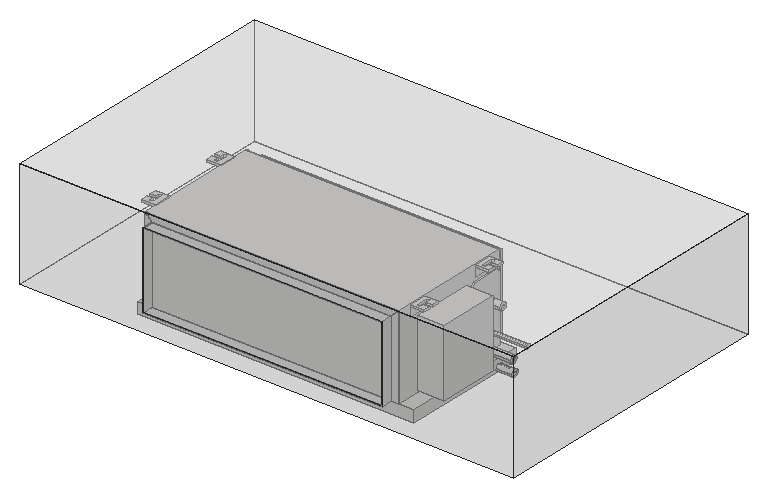
Revit family "outputfile", category 機械設備, Revit 2024
Family settings
  丸型コネクタ寸法 = 半径を使用
  パーツ タイプ = 標準
  OmniClass 番号 = 23.75.10.24.21.27.27
  OmniClass タイトル = Split System Air Conditioning Units
  作業面ベース = いいえ
  常に垂直 = はい
  ロード時にボイドで切り取り = いいえ
  注釈の向きを維持 = いいえ
  共有 = いいえ
  部屋計算ポイント = はい
Parameters (values of type "FDBC25AV1M")
  Description = ""
  書き出し IFC クラス(タイプ) = "IfcUnitaryEquipmentType"
  定義済み IFC タイプ(タイプ) = "AIRCONDITIONINGUNIT"
  Cost = 0
  Type Comments = ""
  Keynote = ""
  Type Image = (empty or 0)
  Assembly Code = ""
  switch_frequency = yes
  lw_Supply Duct = if(Width = 905 mm, 20.5 mm, 11.5 mm)  # 11.5 mm
  l_powersupply = 92.5 mm  # constant formula
  connector_voltage = Voltage_50Hz  # 230 V
  connector_powerinput = [Power Input (Cooling)]  # 0.895 kW
  connector_phase = Phase_50Hz  # 1
  W1 = if(Width = 905 mm, 441.5 mm, 362.5 mm)  # 362.5 mm
  URL = ""
  Supply Air Direction [instance] = yes
  製造元 = "Daikin"
  モデル = "FDBC25AV1M"
  r_Liquid Pipe Size = Liquid Pipe Size / 2  # 3.2 mm
  r_Gas Pipe Size = Gas Pipe Size / 2  # 4.75 mm
  r_Drain Pipe Size = Drain Pipe Size / 2  # 9.5 mm
  lw_powersupply = if(Width = 905 mm, 439.5 mm, 378.5 mm)  # 378.5 mm
  lw_Return Duct = if(Width = 905 mm, 20.5 mm, 11.5 mm)  # 11.5 mm
  ld_powersupply = 46.5 mm  # constant formula
  Voltage_comment_50Hz = "220 - 240"
  Voltage_50Hz = 230 V
  Sound Power Level_H speed (dB) = 0
  Phase_50Hz = 1
  Minimum External Static Pressure = 5.00 Pa
  Minimum Circuit Amps_50Hz = 5.84 A
  Maximum Fuse Amps_50Hz = 16.0 A
  Maximum External Static Pressure = 10.00 Pa
  Material_Casing = DAIKIN_GalvanizedSteel_Casing_indoorunit
  lw_liquidpipe = C - W1 + 122 mm  # 461.5 mm
  lw_gaspipe = C - W1 + 52 mm  # 391.5 mm
  lw_mountinghole_pitch = if(Width = 905 mm, 881 mm, 741 mm)  # 741 mm
  lw_drainpipe = C - W1 + 85 mm  # 424.5 mm
  lh_powersupply = 131.5 mm  # constant formula
  lh_liquidpipe = 87 mm  # constant formula
  lh_gaspipe = 161 mm  # constant formula
  lh_mountinghole = 261 mm  # constant formula
  lh_drainpipe = 43.5 mm  # constant formula
  l_antena = Height + 1 mm - lh_mountinghole  # 1 mm
  ld_liquidpipe = 121 mm  # constant formula
  ld_gaspipe = 121 mm  # constant formula
  ld_drainpipe = 117.005 mm  # constant formula
  h*** = 0 mm  # constant formula
  Width = 765 mm
  Version = "ver.1.0"
  Unit Type = "Duct"
  Unit Mass Weight = 18.00 kg
  Unit Designation [instance] = ""
  Uniclass2015Version = "Products v1.30"
  Uniclass2015Title = "Split coil room air conditioning units"
  Uniclass2015Code = "Pr_70_65_03_86"
  Total Cooling Capacity [instance] = 0.000 kW
  Sound Pressure Level_M speed (dBA) = 30
  Sound Pressure Level_L speed (dBA) = 26
  Sound Pressure Level_H speed (dBA) = 32
  Series = "SkyAir_Fan Coil Unit"
  Sensible Cooling Capacity [instance] = 0.000 kW
  SA Duct Size Width = 662 mm
  SA Duct Size Height = 211 mm
  Refrigerant Type = "R32"
  RA Duct Size Width = 662 mm
  RA Duct Size Height = 211 mm
  Power Input (Cooling) = 0.895 kW
  Option Accessory 3 [instance] = ""
  Option Accessory 2 [instance] = ""
  Option Accessory 1 [instance] = ""
  Nominal Cooling Capacity = 2.640 kW
  Minimum Airflow = 408.00 m³/h
  Median Airflow = 492.00 m³/h
  Maximum Airflow = 544.00 m³/h
  Load Classification = HVAC
  Liquid Pipe Size = 6.4 mm
  Link_Nested Family [instance] = ""
  IfcVersion = ""
  IfcExportType = "AIRCONDITIONINGUNIT"
  IfcExportAs = "IfcUnitaryEquipmentType"
  Height = 261 mm
  Heat Exchanger Type = "Cross Fin Coil"
  Gas Pipe Size = 9.5 mm
  Frequency_50Hz = 50 Hz
  Fan Type = "Sirocco Fan"
  Fan Drive = "-"
  FCU Tag No. [instance] = ""
  Drain Pipe Size = 19.0 mm
  Design Supply Airflow [instance] = 0.00 m³/h
  Design Return Airflow [instance] = 0.00 m³/h
  Design External Static Pressure [instance] = 0.00 Pa
  Depth = 411 mm
  既定の高さ = 0 mm
  Cooling Entering Wet Bulb Temperature [instance] = 0.00 °C
  Cooling Entering Dry Bulb Temperature [instance] = 0.00 °C
  Cooling Ambient Wet Bulb Temperature [instance] = 0.00 °C
  Cooling Ambient Dry Bulb Temperature [instance] = 0.00 °C
  Clearance visibility [instance] = yes
  Clearance Top = 20 mm
  Clearance Right = 300 mm
  Clearance Rear = 400 mm
  Clearance Left = 300 mm
  Clearance Front = 0 mm
  Clearance Bottom = 20 mm
  C = if(Width = 905 mm, 842 mm, 702 mm)  # 702 mm
Reference planes
  plane 1 "Center (Front/Back)": y = 0
  plane 2: z = 0
  plane 3 "Center (Left/Right)": x = 0
  plane 4 "Back": y = 205.5
  plane 5 "Front": y = -205.5
  plane 6 "Left": x = -382.5
  plane 7 "Right": x = 382.5
  plane 8 "Top": z = 0
  plane 9 "Bottom": z = -261
  plane 10 "lh_liquidpipe": z = -174
  plane 11 "lh_gaspipe": z = -100
  plane 12 "lw_mountinghole": x = -382
  plane 13 "lw_mountinghole3": x = 359
  plane 14 "lw_liquidpipe": x = 461.5
  plane 15 "lw_gaspipe": x = 391.5
  plane 16 "Clearance Left": x = -682.5
  plane 17 "Clearance Right": x = 682.5
  plane 18 "Clearance Rear": y = 605.5
  plane 19 "Clearance Front": y = -205.5
  plane 20 "Clearance Bottom": z = -281
  plane 21 "lh_drainpipe": z = -217.5
  plane 22 "ld_gaspipe": y = 121
  plane 23 "ld_liquidpipe": y = 121
  plane 24 "ld_drainpipe": y = 117.005
  plane 25 "lw_drainpipe": x = 424.5
  plane 26 "ld_mountinghole1": y = 112.5
  plane 27 "ld_mountinghole": y = -112.5
  plane 28 "Clearance Top": z = 20
  plane 29 "lh_powersupply": z = -129.5
  plane 30 "ld_powersupply": y = -46.5
  plane 31 "箱_L": x = -362.5
  plane 32 "箱_R": x = 339.5
  plane 33 "箱_F": y = -175.5
  plane 34 "箱_後": y = 175.5
  plane 35 "A": z = -230
  plane 36: y = 55.5
  plane 37: y = -112.5
  plane 38 "lh_box": z = -222
  plane 39 "lh_box1": z = -37
  plane 40 "71/100": z = -46
  plane 41 "l-box": x = 414.5
  plane 42 "lw_Return Duct": x = -11.5
  plane 43 "lw_Supply Duct": x = -11.5
  plane 44 "lh_Supply Duct": z = -124.5
  plane 45 "lh_Return Duct": z = -124.5
  plane 46 "lw_powersupply": x = 378.5
Forms (mm)
  Extrusion 1, solid, material "DAIKIN_GalvanizedSteel_Casing_indoorunit" <- "Material_Casing"
    sketch origin (0, 0, -230) x (-1, 0, 0) y (0, -1, 0)
      loop
        line (362.5, -175.5) -> (362.5, 175.5) -> (-339.5, 175.5) -> (-339.5, -175.5) -> (362.5, -175.5)
    from 0 to 230
  Extrusion 2, solid, material "DAIKIN_GalvanizedSteel_Casing_indoorunit" <- "Material_Casing"
    sketch origin (0, 0, -261) x (-1, 0, 0) y (0, -1, 0)
      loop
        line (382.5, -175.5) -> (382.5, 175.5) -> (-382.5, 175.5) -> (-382.5, -175.5) -> (382.5, -175.5)
    from 0 to 31
  Extrusion 3, solid, material "DAIKIN_GalvanizedSteel_Casing_indoorunit" <- "Material_Casing"
    sketch origin (0, 0, -222) x (-1, 0, 0) y (0, -1, 0)
      loop
        line (-339.5, -55.5) -> (-339.5, 112.5) -> (-414.5, 112.5) -> (-414.5, -55.5) -> (-339.5, -55.5)
    from 0 to 185
  Extrusion 4, solid, material "DAIKIN_GalvanizedSteel_Casing_indoorunit"
    sketch origin (339.5, 1296.25, 1200) x (0, 1, 0) y (0, 0, 1)
      loop
        circle (-1179.245, -1417.5) r 9.5
      loop
        circle (-1179.245, -1417.5) r 6.5
    from 0 to 85
  Extrusion 5, solid, material "DAIKIN_GalvanizedSteel_Casing_indoorunit" <- "Material_Casing"
    sketch origin (339.5, 1296.25, 1200) x (0, 1, 0) y (0, 0, 1)
      loop
        circle (-1175.25, -1300) r 9.95
      loop
        circle (-1175.25, -1300) r 6.35
    from 0 to 52
  Extrusion 6, solid, material "DAIKIN_GalvanizedSteel_Casing_indoorunit" <- "Material_Casing"
    sketch origin (339.5, 1296.25, 1200) x (0, 1, 0) y (0, 0, 1)
      loop
        circle (-1175.25, -1374) r 5
      loop
        circle (-1175.25, -1374) r 3.175
    from 0 to 122
  Extrusion 7, solid, material "DAIKIN_GalvanizedSteel_Casing_indoorunit" <- "Material_Casing"
    sketch origin (339.5, 1296.25, 1200) x (0, 1, 0) y (0, 0, 1)
      loop
        line (-1213.75, -1239) -> (-1223.75, -1249) -> (-1223.75, -1430) -> (-1188.75, -1430) -> (-1188.75, -1417.5)
        arc (-1188.75, -1417.5) -> (-1179.25, -1408) -> (-1169.75, -1417.5) r 9.5
        line (-1169.75, -1417.5) -> (-1169.75, -1430) -> (-1128.75, -1430) -> (-1128.75, -1249) -> (-1138.75, -1239) -> (-1213.75, -1239)
    from 0 to 7
  Extrusion 8, solid, material "DAIKIN_GalvanizedSteel_Casing_indoorunit" <- "Material_Casing"
    sketch origin (339.5, 1296.25, 1200) x (0, 1, 0) y (0, 0, 1)
      loop
        circle (-1180.246, -1450) r 9.5
      loop
        circle (-1180.246, -1450) r 6.5
    from 0 to 89
Cuts and joins
  joined: Extrusion 2, Extrusion 8
Dimensions and locks
  "Height": plane 8 "Top" to plane 9 "Bottom"
  "lw_mountinghole_pitch": plane 12 "lw_mountinghole" to plane 13 "lw_mountinghole3"
  "lh_liquidpipe": plane 10 "lh_liquidpipe" to plane 9 "Bottom"
  "lh_gaspipe": plane 11 "lh_gaspipe" to plane 9 "Bottom"
  "Width": plane 6 "Left" to plane 7 "Right"
  "Clearance Right": plane 7 "Right" to plane 17 "Clearance Right"
  "Clearance Left": plane 16 "Clearance Left" to plane 6 "Left"
  "Clearance Rear": plane 18 "Clearance Rear" to plane 4 "Back"
  "Clearance Front": plane 5 "Front" to plane 19 "Clearance Front"
  "Depth": plane 4 "Back" to plane 5 "Front"
  equal spacing: plane 4 "Back", plane 1 "Center (Front/Back)", plane 5 "Front"
  locked: plane 26 "ld_mountinghole1" to plane 27 "ld_mountinghole" at 225
  "lw_liquidpipe": plane 3 "Center (Left/Right)" to plane 14 "lw_liquidpipe"
  "lw_gaspipe": plane 3 "Center (Left/Right)" to plane 15 "lw_gaspipe"
  "lw_drainpipe": plane 3 "Center (Left/Right)" to plane 25 "lw_drainpipe"
  "lh_drainpipe": plane 21 "lh_drainpipe" to plane 9 "Bottom"
  "Clearance Top": plane 28 "Clearance Top" to plane 8 "Top"
  "Clearance Bottom": plane 9 "Bottom" to plane 20 "Clearance Bottom"
  "lh_powersupply": plane 29 "lh_powersupply" to plane 9 "Bottom"
  "W1": plane 31 "箱_L" to plane 3 "Center (Left/Right)"
  "C": plane 31 "箱_L" to plane 32 "箱_R"
  locked: plane 34 "箱_後" to plane 33 "箱_F" at 351
  locked: plane 36 to plane 37 at 168
  locked: plane 37 to plane 5 "Front" at 93
  locked: plane 39 "lh_box1" to plane 38 "lh_box" at 185
  locked: plane 38 "lh_box" to plane 9 "Bottom" at 39
  "ld_drainpipe": plane 24 "ld_drainpipe" to plane 1 "Center (Front/Back)"
  "ld_gaspipe": plane 22 "ld_gaspipe" to plane 1 "Center (Front/Back)"
  "ld_liquidpipe": plane 1 "Center (Front/Back)" to plane 23 "ld_liquidpipe"
  locked: plane 40 "71/100" to plane 9 "Bottom" at 215
  locked: Extrusion 7 sketch curve to plane 34 "箱_後" at 8
  locked: Extrusion 7 sketch curve to Extrusion 7 sketch curve at 95
  locked: Extrusion 7 sketch curve to Extrusion 7 sketch curve at 191
  locked: Extrusion 7 sketch curve to Extrusion 7 sketch curve at 10  (x4)
  locked: Extrusion 7 sketch curve to Extrusion 7 sketch curve at 19
  locked: Extrusion 7 sketch curve to plane 9 "Bottom" at 31
  locked: Extrusion 7 sketch curve to plane 9 "Bottom" at 43.5
  locked: Extrusion 7 sketch curve to Extrusion 7 sketch curve at 50.5
  "h***": plane 8 "Top" to plane 2
  locked: plane 27 "ld_mountinghole" to plane 1 "Center (Front/Back)" at 112.5
  "lw_Supply Duct": plane 43 "lw_Supply Duct" to plane 3 "Center (Left/Right)"
  "lw_Return Duct": plane 42 "lw_Return Duct" to plane 3 "Center (Left/Right)"
  locked: plane 44 "lh_Supply Duct" to plane 9 "Bottom" at 136.5
  locked: plane 45 "lh_Return Duct" to plane 9 "Bottom" at 136.5
  locked: plane 35 "A" to plane 9 "Bottom" at 31
  equal spacing: plane 6 "Left", plane 3 "Center (Left/Right)", plane 7 "Right"
  locked: plane 12 "lw_mountinghole" to plane 31 "箱_L" at 19.5
  equal spacing: plane 34 "箱_後", plane 1 "Center (Front/Back)", plane 33 "箱_F"
  locked: plane 32 "箱_R" to plane 41 "l-box" at 75
  locked: Extrusion 8 sketch curve to plane 9 "Bottom" at 11  (x2)
  locked: plane 1 "Center (Front/Back)" to Extrusion 8 sketch curve at 116.004  (x2)
  "ld_powersupply": plane 30 "ld_powersupply" to plane 1 "Center (Front/Back)"
  "lw_powersupply": plane 3 "Center (Left/Right)" to plane 46 "lw_powersupply"
  aligned and locked: level to plane 2
  aligned and locked: plane 18 "Clearance Rear" to nested 1
  aligned and locked: plane 17 "Clearance Right" to nested 1
  aligned and locked: plane 16 "Clearance Left" to nested 1
  aligned and locked: nested 1 to plane 19 "Clearance Front"
  aligned and locked: plane 28 "Clearance Top" to nested 1
  aligned and locked: nested 1 to plane 20 "Clearance Bottom"
  aligned and locked: plane 31 "箱_L" to Extrusion 1 sketch curve
  aligned and locked: Extrusion 1 sketch curve to plane 32 "箱_R"
  aligned and locked: plane 33 "箱_F" to Extrusion 1 sketch curve
  aligned and locked: Extrusion 1 sketch curve to plane 34 "箱_後"
  aligned and locked: Extrusion 1 to plane 35 "A"
  aligned and locked: plane 8 "Top" to Extrusion 1
  aligned and locked: plane 6 "Left" to Extrusion 2 sketch curve
  aligned and locked: Extrusion 2 to plane 9 "Bottom"
  aligned and locked: plane 35 "A" to Extrusion 2
  aligned and locked: plane 12 "lw_mountinghole" to nested 3
  aligned and locked: plane 12 "lw_mountinghole" to nested 2
  aligned and locked: nested 4 to plane 13 "lw_mountinghole3"
  aligned and locked: nested 5 to plane 13 "lw_mountinghole3"
  aligned and locked: plane 26 "ld_mountinghole1" to nested 5
  aligned and locked: nested 2 to plane 26 "ld_mountinghole1"
  aligned and locked: plane 27 "ld_mountinghole" to nested 4
  aligned and locked: nested 3 to plane 27 "ld_mountinghole"
  aligned and locked: plane 32 "箱_R" to Extrusion 3 sketch curve
  aligned and locked: plane 37 to Extrusion 3 sketch curve
  aligned and locked: Extrusion 3 sketch curve to plane 36
  aligned and locked: Extrusion 3 to plane 38 "lh_box"
  aligned and locked: plane 39 "lh_box1" to Extrusion 3
  aligned and locked: plane 21 "lh_drainpipe" to Extrusion 4 sketch curve  (x2)
  aligned and locked: Extrusion 4 sketch curve to plane 24 "ld_drainpipe"  (x2)
  aligned and locked: Extrusion 5 sketch curve to plane 11 "lh_gaspipe"  (x2)
  aligned and locked: Extrusion 5 sketch curve to plane 22 "ld_gaspipe"  (x2)
  aligned and locked: Extrusion 5 to plane 32 "箱_R"
  aligned and locked: Extrusion 6 sketch curve to plane 10 "lh_liquidpipe"  (x2)
  aligned and locked: Extrusion 6 sketch curve to plane 23 "ld_liquidpipe"  (x2)
  aligned and locked: Extrusion 7 sketch curve to Extrusion 7 sketch curve
  aligned and locked: plane 3 "Center (Left/Right)" to nested 6
  aligned and locked: nested 6 to plane 33 "箱_F"
  aligned and locked: plane 9 "Bottom" to nested 6
  aligned and locked: plane 3 "Center (Left/Right)" to nested 7
  aligned and locked: nested 7 to plane 34 "箱_後"
  aligned and locked: plane 9 "Bottom" to nested 7
  aligned and locked: Extrusion 3 sketch curve to plane 41 "l-box"
  aligned and locked: nested 8 to plane 33 "箱_F"
  aligned and locked: plane 42 "lw_Return Duct" to nested 8
  aligned and locked: plane 44 "lh_Supply Duct" to nested 8
  aligned and locked: plane 34 "箱_後" to nested 9
  aligned and locked: nested 9 to plane 43 "lw_Supply Duct"
  aligned and locked: plane 23 "ld_liquidpipe" to nested 10
  aligned and locked: plane 3 "Center (Left/Right)" to nested 10
  aligned and locked: plane 3 "Center (Left/Right)" to nested 11
  aligned and locked: plane 22 "ld_gaspipe" to nested 11
  aligned and locked: plane 3 "Center (Left/Right)" to nested 12
  aligned and locked: plane 24 "ld_drainpipe" to nested 12
  aligned and locked: nested 13 to plane 27 "ld_mountinghole"
  aligned and locked: nested 14 to plane 27 "ld_mountinghole"
  aligned and locked: nested 16 to plane 26 "ld_mountinghole1"
  aligned and locked: nested 15 to plane 26 "ld_mountinghole1"
  aligned and locked: plane 12 "lw_mountinghole" to nested 13
  aligned and locked: plane 12 "lw_mountinghole" to nested 15
  aligned and locked: plane 13 "lw_mountinghole3" to nested 14
  aligned and locked: plane 13 "lw_mountinghole3" to nested 16
  aligned and locked: Extrusion 2 sketch curve to plane 34 "箱_後"
  aligned and locked: plane 33 "箱_F" to Extrusion 2 sketch curve
  aligned and locked: Extrusion 2 sketch curve to plane 7 "Right"
  aligned and locked: plane 8 "Top" to nested 4
  aligned and locked: plane 8 "Top" to nested 5
  aligned and locked: plane 8 "Top" to nested 3
  aligned and locked: plane 8 "Top" to nested 2
  aligned and locked: plane 3 "Center (Left/Right)" to nested 17
  aligned and locked: plane 46 "lw_powersupply" to nested 18
  aligned and locked: nested 18 to plane 30 "ld_powersupply"
Automatic sketch dimensions
  radius of Extrusion 5 sketch curve = 9.95 mm
  radius of Extrusion 5 sketch curve = 6.35 mm
  radius of Extrusion 6 sketch curve = 5 mm
  radius of Extrusion 6 sketch curve = 3.175 mm
  radius of Extrusion 4 sketch curve = 9.5 mm
  radius of Extrusion 4 sketch curve = 6.5 mm
  radius of Extrusion 8 sketch curve = 9.5 mm
  radius of Extrusion 8 sketch curve = 6.5 mm
Nested families
  nested 1: "daikin_clearancespace" at (0, 200, -130.381), visible <- "Clearance visibility", show <- "Clearance visibility", Link_Nested Family <- "Link_Nested Family", type "daikin_clearancespace"
    with width 1365 mm, show yes, height 301 mm, depth 811 mm, Link_Nested Family ""
  nested 2: "daikin_hangerfixture_FDBC-AV1M" at (-382, 112.5, 0), type "daikin_hangerfixture_FDBC-AV1M"
    with width 765 mm
  nested 3: "daikin_hangerfixture_FDBC-AV1M" at (-382, -112.5, 0), type "daikin_hangerfixture_FDBC-AV1M"
    with width 765 mm
  nested 4: "daikin_hangerfixture_FDBC-AV1M" at (359, -112.5, 0) x (-1, 0, 0) z (0, 0, 1), type "daikin_hangerfixture_FDBC-AV1M"
    with width 765 mm
  nested 5: "daikin_hangerfixture_FDBC-AV1M" at (359, 112.5, 0) x (-1, 0, 0) z (0, 0, 1), type "daikin_hangerfixture_FDBC-AV1M"
    with width 765 mm
  nested 6: "daikin_Supply Ductflange_FDBC-AV1M" at (0, -175.5, -450.401), material <- "Material_Casing", type "daikin_Supply Ductflange_FDBC-AV1M"
    with material DAIKIN_GalvanizedSteel_Casing_indoorunit, W1 362.5 mm, C 702 mm
  nested 7: "daikin_Return Ductflange_FDBC-AV1M" at (0, 175.5, -450.401), material <- "Material_Casing", type "daikin_Return Ductflange_FDBC-AV1M"
    with material DAIKIN_GalvanizedSteel_Casing_indoorunit, W1 362.5 mm, C 702 mm
  nested 8: "daikin_connector_rotate2" at (-11.5, -175.5, -124.5), type "daikin_connector_rotate2"
    with radius 10 mm, length 30 mm, angle_vertical 90.00°, show_face no
  nested 9: "daikin_connector_rotate2" at (-11.5, 175.5, -124.5) x (-1, 0, 0) z (0, 0, 1), type "daikin_connector_rotate2"
    with radius 10 mm, length 30 mm, angle_vertical 90.00°, show_face no
  nested 10: "daikin_connector_rotate2" at (0, 121, -174) x (0, 1, 0) z (0, 0, 1), radius <- "r_Liquid Pipe Size", length <- "lw_liquidpipe", type "daikin_connector_rotate2"
    with radius 3.2 mm, length 461.5 mm, angle_vertical 90.00°, show_face no
  nested 11: "daikin_connector_rotate2" at (0, 121, -100) x (0, 1, 0) z (0, 0, 1), length <- "lw_gaspipe", radius <- "r_Gas Pipe Size", type "daikin_connector_rotate2"
    with radius 4.75 mm, length 391.5 mm, angle_vertical 90.00°, show_face no
  nested 12: "daikin_connector_rotate2" at (0, 117.005, -217.5) x (0, 1, 0) z (0, 0, 1), length <- "lw_drainpipe", radius <- "r_Drain Pipe Size", type "daikin_connector_rotate2"
    with radius 9.5 mm, length 424.5 mm, angle_vertical 90.00°, show_face no
  nested 13: "daikin_mountinghole" at (-382, -112.5, -261), Link_Nested Family <- "Link_Nested Family", h_mountinghole <- "lh_mountinghole", l_antenna <- "l_antena", type "daikin_mountinghole"
    with show yes, l_antenna 1 mm, h_mountinghole 261 mm, Link_Nested Family ""
  nested 14: "daikin_mountinghole" at (359, -112.5, -261), Link_Nested Family <- "Link_Nested Family", h_mountinghole <- "lh_mountinghole", l_antenna <- "l_antena", type "daikin_mountinghole"
    with show yes, l_antenna 1 mm, h_mountinghole 261 mm, Link_Nested Family ""
  nested 15: "daikin_mountinghole" at (-382, 112.5, -261), Link_Nested Family <- "Link_Nested Family", h_mountinghole <- "lh_mountinghole", l_antenna <- "l_antena", type "daikin_mountinghole"
    with show yes, l_antenna 1 mm, h_mountinghole 261 mm, Link_Nested Family ""
  nested 16: "daikin_mountinghole" at (359, 112.5, -261), Link_Nested Family <- "Link_Nested Family", h_mountinghole <- "lh_mountinghole", l_antenna <- "l_antena", type "daikin_mountinghole"
    with show yes, l_antenna 1 mm, h_mountinghole 261 mm, Link_Nested Family ""
  nested 17: "daikin_△_symbolicline" at (0, 0, 261) x (-1, 0, 0) z (0, 0, 1), built-in parameter 1001364 <- "Height", visible <- "Supply Air Direction", type "daikin_△_symbolicline"
    with length 150 mm
  nested 18: "daikin_connector_rotate2" at (378.5, -46.5, -129.5), length <- "l_powersupply", type "daikin_connector_rotate2"
    with radius 10 mm, length 92.5 mm, angle_vertical 180.00°, show_face no
Connectors
  hvac at (-11.5, -205.5, -124.5), driven by "SA Duct Size Height", driven by "SA Duct Size Width"
    settings: on nested 8, index 1, duct flow 0.00 m³/h, flow factor 0, pres drop 0.00 Pa, loss coef 0, conn angle 0.00°, conn width 662.0 mm, conn height 211.0 mm, conn diameter 609.6 mm, duct sys type 1, conn prof type 1, flow config 0, flow direction 2, loss method 4, conn ref index -1, conn util no, is conn primary yes, conn desc "SA Duct"
  hvac at (-11.5, 205.5, -124.5), driven by "RA Duct Size Height", driven by "RA Duct Size Width"
    settings: on nested 9, index 2, duct flow 0.00 m³/h, flow factor 0, pres drop 0.00 Pa, loss coef 0, conn angle 0.00°, conn width 662.0 mm, conn height 211.0 mm, conn diameter 609.6 mm, duct sys type 2, conn prof type 1, flow config 0, flow direction 1, loss method 4, conn ref index -1, conn util no, is conn primary no, conn desc "RA Duct"
  piping at (461.5, 121, -174), diameter 6.4, driven by "r_Liquid Pipe Size"
    settings: on Extrusion 6, index 3, connector inside diameter 609.6 mm, connector length 0 mm, flow factor 0, pipe flow 0.00 m³/h, pressure drop 0.0 Pa, fitting loss kfactor 0, connector angle 0.00°, fixture units 0, engagement length 0 mm, angle of deflection 0.00°, flow configuration 1, flow direction 1, fitting loss method 0, system type 29, joint type 0, gender type 0, connector reference index -1, connector utility 0, adjustable connector no, is connector primary yes, connector description "Refrigerant Liquid Piping"
  piping at (391.5, 121, -100), diameter 9.5, driven by "r_Gas Pipe Size"
    settings: on nested 11, index 4, connector inside diameter 609.6 mm, connector length 0 mm, flow factor 0, pipe flow 0.00 m³/h, pressure drop 0.0 Pa, fitting loss kfactor 0, connector angle 0.00°, fixture units 0, engagement length 0 mm, angle of deflection 0.00°, flow configuration 1, flow direction 2, fitting loss method 0, system type 29, joint type 0, gender type 0, connector reference index -1, connector utility 0, adjustable connector no, is connector primary no, connector description "Refrigerant Gas Piping"
  piping at (424.5, 117.005, -217.5), diameter 19, driven by "r_Drain Pipe Size"
    settings: on nested 12, index 5, connector inside diameter 609.6 mm, connector length 0 mm, flow factor 0, pipe flow 0.00 m³/h, pressure drop 0.0 Pa, fitting loss kfactor 0, connector angle 0.00°, fixture units 0, engagement length 0 mm, angle of deflection 0.00°, flow configuration 1, flow direction 2, fitting loss method 4, system type 16, joint type 0, gender type 0, connector reference index -1, connector utility 0, adjustable connector no, is connector primary no, connector description "Condensate Drain Piping"
  electrical at (378.5, -46.5, -37), driven by "connector_phase", driven by "Load Classification", driven by "connector_voltage", driven by "connector_powerinput"
    settings: on nested 18, index 8, voltage 230 V, apparent load 895 VA, apparent load phase1 0 VA, apparent load phase2 0 VA, apparent load phase3 0 VA, power factor 1, load classification "HVAC", number of poles 1, system type 30, power factor state 1, is connector primary yes, connector utility no, sub classification motor no, connector description "Power Supply"
Definition of nested family "daikin_clearancespace"
  Parameters (values of type "daikin_clearancespace")
    Description = "daikin_clearancespace"
    width [instance] = 1823.963 mm
    show [instance] = yes
    material = none
    height [instance] = 1359.762 mm
    depth [instance] = 880 mm
    Default Elevation = 0 mm
    Link_Nested Family [instance] = ""
  Reference planes
    plane 1 "Center (Front/Back)": y = 0
    plane 2 "Center (Elevation)": z = -0.119
    plane 3 "Center (Left/Right)": x = 0
    plane 4: y = 440
    plane 5: y = -440
    plane 6 "Right": x = 911.982
    plane 7 "Left": x = -911.982
    plane 8 "Top": z = 679.762
    plane 9 "Bottom": z = -680
  Forms (mm)
    Extrusion 1, solid, material <- "material", visible <- "show"
      sketch origin (0, 0, 0) x (1, 0, 0) y (0, 1, 0)
        loop
          line (-911.982, 440) -> (-911.982, -440) -> (911.982, -440) -> (911.982, 440) -> (-911.982, 440)
      from -680 to 679.762
  Lines and regions (mm)
    symbolic lines, visible <- "show"
      curve 1: line (911.982, 440, 0) -> (-911.982, 440, 0)
      curve 2: line (-911.982, 440, 0) -> (-911.982, -440, 0)
      curve 3: line (-911.982, -440, 0) -> (911.982, -440, 0)
      curve 4: line (911.982, -440, 0) -> (911.982, 440, 0)
      curve 5: line (911.982, 0, 679.762) -> (-911.982, 0, 679.762)
      curve 6: line (911.982, 0, -680) -> (911.982, 0, 679.762)
      curve 7: line (-911.982, 0, -680) -> (911.982, 0, -680)
      curve 8: line (-911.982, 0, 679.762) -> (-911.982, 0, -680)
      curve 9: line (0, 440, 679.762) -> (0, -440, 679.762)
      curve 10: line (0, -440, 679.762) -> (0, -440, -680)
      curve 11: line (0, 440, -680) -> (0, 440, 679.762)
      curve 12: line (0, -440, -680) -> (0, 440, -680)
  Dimensions and locks
    "width": plane 7 "Left" to plane 6 "Right"
    "depth": plane 4 to plane 5
    "height": plane 8 "Top" to plane 9 "Bottom"
    equal spacing: plane 7 "Left", plane 3 "Center (Left/Right)", plane 6 "Right"
    equal spacing: plane 4, plane 1 "Center (Front/Back)", plane 5
    equal spacing: plane 8 "Top", plane 2 "Center (Elevation)", plane 9 "Bottom"
    aligned and locked: level to plane 2 "Center (Elevation)"
    aligned and locked: Extrusion 1 sketch curve to plane 4
    aligned and locked: plane 7 "Left" to Extrusion 1 sketch curve
    aligned and locked: Extrusion 1 sketch curve to plane 5
    aligned and locked: Extrusion 1 sketch curve to plane 6 "Right"
    aligned and locked: plane 8 "Top" to Extrusion 1
    aligned and locked: curve 1 to Extrusion 1
    aligned and locked: curve 2 to Extrusion 1
    aligned and locked: curve 3 to Extrusion 1
    aligned and locked: curve 4 to Extrusion 1
    aligned and locked: curve 5 to Extrusion 1
    aligned and locked: curve 6 to Extrusion 1
    aligned and locked: curve 7 to Extrusion 1
    aligned and locked: curve 8 to Extrusion 1
    aligned and locked: curve 9 to Extrusion 1
    aligned and locked: curve 10 to Extrusion 1
    aligned and locked: curve 11 to Extrusion 1
    aligned and locked: curve 12 to Extrusion 1
    aligned and locked: Extrusion 1 to plane 9 "Bottom"
Definition of nested family "daikin_hangerfixture_FDBC-AV1M"
  Parameters (values of type "daikin_hangerfixture_FDMFC-AV1M")
    width = 1065 mm
    material = none
    height = 65 mm
    depth = 700 mm
    Default Elevation = 0 mm
  Reference planes
    plane 1 "Center (Front/Back)": y = 0
    plane 2: z = 0
    plane 3 "Center (Left/Right)": x = 0
  Forms (mm)
    Extrusion 1, solid, material <- "material"
      sketch origin (0, 0, 0) x (1, 0, 0) y (0, 0, 1)
        loop
          line (-20, 0) -> (-20, -5) -> (17, -5) -> (17, -30) -> (19.5, -30) -> (19.5, 0) -> (-20, 0)
      from -25 to 25
    Extrusion 2, void
      sketch origin (0, 0, 0) x (1, 0, 0) y (0, 1, 0)
        loop
          line (-5, 5) -> (-20, 5) -> (-20, -5) -> (-5, -5) -> (-5, -13)
          arc (-5, -13) -> (0, -18) -> (5, -13) r 5
          line (5, -13) -> (5, 13)
          arc (5, 13) -> (0, 18) -> (-5, 13) r 5
          line (-5, 13) -> (-5, 5)
      from 0 to -5
  Cuts and joins
    Extrusion 2 cuts Extrusion 1
  Dimensions and locks
    locked: Extrusion 1 sketch curve to Extrusion 1 sketch curve at 5
    locked: Extrusion 1 sketch curve to Extrusion 1 sketch curve at 2.5
    locked: Extrusion 1 sketch curve to Extrusion 1 sketch curve at 30
    locked: Extrusion 1 sketch curve to Extrusion 1 sketch curve at 39.5
    Extrusion 1 sketch curve to plane 3 "Center (Left/Right)" = 17 mm
    locked: Extrusion 1 sketch curve to plane 3 "Center (Left/Right)" at 19.5
    Extrusion 2 sketch curve to plane 1 "Center (Front/Back)" to Extrusion 2 sketch curve = 13 mm locked, 13 mm locked
    equal spacing: Extrusion 2 sketch curve, plane 3 "Center (Left/Right)", Extrusion 2 sketch curve
    locked: Extrusion 2 sketch curve to Extrusion 2 sketch curve at 10  (x2)
    equal spacing: Extrusion 2 sketch curve, plane 1 "Center (Front/Back)", Extrusion 2 sketch curve
    aligned and locked: level to plane 2
    aligned and locked: Extrusion 1 sketch curve to plane 2
    aligned and locked: plane 3 "Center (Left/Right)" to Extrusion 2 sketch curve  (x2)
    aligned and locked: Extrusion 1 to Extrusion 2 sketch curve
Definition of nested family "daikin_Supply Ductflange_FDBC-AV1M"
  Parameters (values of type "daikin_ductflange_FDMRN-AXVL")
    material [instance] = none
    Default Elevation = 0 mm
    W1 = 521.5 mm
    C = 1002 mm
    71/100 = no
    50/60 = yes
  Reference planes
    plane 1 "Center (Front/Back)": y = 0
    plane 2: z = 189.401
    plane 3 "Center (Left/Right)": x = 0
    plane 4: x = -521.5
    plane 5: x = 480.5
  Forms (mm)
    Extrusion 1, solid, material <- "material", visible <- "71/100"
      sketch origin (0, 0, 0) x (1, 0, 0) y (0, 0, 1)
        loop
          line (-398.5, 518.401) -> (-398.5, 345.401) -> (398.5, 345.401) -> (398.5, 518.401) -> (-398.5, 518.401)
        loop
          line (-397.5, 346.401) -> (397.5, 346.401) -> (397.5, 517.401) -> (-397.5, 517.401) -> (-397.5, 346.401)
      from 0 to 39
    Extrusion 2, solid, material <- "material", visible <- "71/100"
      sketch origin (0, 0, 0) x (1, 0, 0) y (0, 0, 1)
        loop
          line (-397.5, 537.401) -> (-397.5, 518.401) -> (397.5, 518.401) -> (397.5, 537.401) -> (-397.5, 537.401)
        loop
          line (398.5, 517.401) -> (398.5, 346.401) -> (417.5, 346.401) -> (417.5, 517.401) -> (398.5, 517.401)
        loop
          line (-397.5, 345.401) -> (-397.5, 326.401) -> (397.5, 326.401) -> (397.5, 345.401) -> (-397.5, 345.401)
        loop
          line (-417.5, 517.401) -> (-417.5, 346.401) -> (-398.5, 346.401) -> (-398.5, 517.401) -> (-417.5, 517.401)
      from 0 to -1
    Extrusion 3, solid, material <- "material", visible <- "50/60"
      sketch origin (0, 0, 0) x (1, 0, 0) y (0, 0, 1)
        loop
          line (-501.5, 431.401) -> (-501.5, 220.401) -> (460.5, 220.401) -> (460.5, 431.401) -> (-501.5, 431.401)
        loop
          line (-500.5, 430.401) -> (-500.5, 221.401) -> (459.5, 221.401) -> (459.5, 430.401) -> (-500.5, 430.401)
      from 0 to 30
    Extrusion 4, solid, material <- "material", visible <- "50/60"
      sketch origin (0, 0, 0) x (1, 0, 0) y (0, 0, 1)
        loop
          line (-521.5, 220.401) -> (-501.5, 220.401) -> (-501.5, 431.401) -> (-521.5, 450.401) -> (-521.5, 220.401)
        loop
          line (480.5, 450.401) -> (460.5, 431.401) -> (460.5, 220.401) -> (480.5, 220.401) -> (480.5, 450.401)
      from 0 to -1
    Extrusion 5, solid, material <- "material", visible <- "50/60"
      sketch origin (0, 0, 0) x (1, 0, 0) y (0, 0, 1)
        loop
          line (460.5, 431.401) -> (480.5, 450.401) -> (-521.5, 450.401) -> (-501.5, 431.401) -> (460.5, 431.401)
      from 0 to -1
  Dimensions and locks
    equal spacing: Extrusion 1 sketch curve, plane 3 "Center (Left/Right)", Extrusion 1 sketch curve
    locked: Extrusion 1 sketch curve to Extrusion 1 sketch curve at 797
    locked: Extrusion 1 sketch curve to Extrusion 1 sketch curve at 173
    locked: Extrusion 1 sketch curve to plane 2 at 156
    locked: Extrusion 2 sketch curve to Extrusion 2 sketch curve at 19  (x4)
    "W1": plane 3 "Center (Left/Right)" to plane 4
    "C": plane 5 to plane 4
    Extrusion 3 sketch curve to Extrusion 3 sketch curve to plane 2 = 211 mm locked, 31 mm locked
    locked: Extrusion 3 sketch curve to plane 4 at 20
    locked: Extrusion 3 sketch curve to plane 5 at 20
    locked: Extrusion 3 sketch curve to Extrusion 3 sketch curve at 1  (x4)
    locked: Extrusion 5 sketch curve to Extrusion 5 sketch curve at 19
    locked: Extrusion 4 sketch curve to Extrusion 4 sketch curve (angle 133.531°)  (x2)
    aligned and locked: level to plane 2
    aligned and locked: Extrusion 2 sketch curve to Extrusion 2 sketch curve  (x4)
    aligned and locked: Extrusion 1 to Extrusion 2 sketch curve  (x7)
    aligned and locked: Extrusion 2 sketch curve to Extrusion 1
    aligned and locked: Extrusion 4 sketch curve to Extrusion 3  (x3)
    aligned and locked: plane 4 to Extrusion 4 sketch curve
    aligned and locked: Extrusion 4 sketch curve to plane 5
    aligned and locked: Extrusion 3 to Extrusion 4 sketch curve
    aligned and locked: Extrusion 5 sketch curve to Extrusion 3
    aligned and locked: Extrusion 5 sketch curve to Extrusion 4  (x2)
  Automatic sketch dimensions
    Extrusion 1 sketch curve to Extrusion 1 sketch curve = 1 mm  (x4)
    Extrusion 4 sketch curve to Extrusion 4 sketch curve = 211 mm  (x2)
Definition of nested family "daikin_Return Ductflange_FDBC-AV1M"
  Parameters (values of type "daikin_ductflange_FDMRN-AXVL1")
    material [instance] = none
    Default Elevation = 0 mm
    W1 = 521.5 mm
    C = 1002 mm
    71/100 = no
    50/60 = yes
  Reference planes
    plane 1 "Center (Front/Back)": y = 0
    plane 2: z = 189.401
    plane 3 "Center (Left/Right)": x = 0
    plane 4: x = -521.5
    plane 5: x = 480.5
  Forms (mm)
    Extrusion 1, solid, material <- "material", visible <- "71/100"
      sketch origin (0, 0, 0) x (1, 0, 0) y (0, 0, 1)
        loop
          line (-496, 544.901) -> (-496, 238.901) -> (455, 238.901) -> (455, 544.901) -> (-496, 544.901)
        loop
          line (-495, 239.901) -> (454, 239.901) -> (454, 543.901) -> (-495, 543.901) -> (-495, 239.901)
      from 0 to -40
    Extrusion 2, solid, material <- "material", visible <- "71/100"
      sketch origin (0, 0, 0) x (1, 0, 0) y (0, 0, 1)
        loop
          line (455, 238.901) -> (475, 238.901) -> (475, 563.901) -> (455, 544.901) -> (455, 238.901)
        loop
          line (-516, 238.901) -> (-496, 238.901) -> (-496, 544.901) -> (-516, 563.901) -> (-516, 238.901)
      from 0 to 1
    Extrusion 3, solid, material <- "material", visible <- "50/60"
      sketch origin (0, 0, 0) x (1, 0, 0) y (0, 0, 1)
        loop
          line (-501.5, 431.401) -> (-501.5, 220.401) -> (460.5, 220.401) -> (460.5, 431.401) -> (-501.5, 431.401)
        loop
          line (-500.5, 430.401) -> (-500.5, 221.401) -> (459.5, 221.401) -> (459.5, 430.401) -> (-500.5, 430.401)
      from 0 to -30
    Extrusion 4, solid, material <- "material", visible <- "50/60"
      sketch origin (0, 0, 0) x (1, 0, 0) y (0, 0, 1)
        loop
          line (-521.5, 220.401) -> (-501.5, 220.401) -> (-501.5, 431.401) -> (-521.5, 450.401) -> (-521.5, 220.401)
        loop
          line (480.5, 450.401) -> (460.5, 431.401) -> (460.5, 220.401) -> (480.5, 220.401) -> (480.5, 450.401)
      from 0 to 1
    Extrusion 5, solid, material <- "material", visible <- "50/60"
      sketch origin (0, 0, 0) x (1, 0, 0) y (0, 0, 1)
        loop
          line (460.5, 431.401) -> (480.5, 450.401) -> (-521.5, 450.401) -> (-501.5, 431.401) -> (460.5, 431.401)
      from 0 to 1
    Extrusion 6, solid, material <- "material", visible <- "71/100"
      sketch origin (0, 0, 0) x (1, 0, 0) y (0, 0, 1)
        loop
          line (455, 544.901) -> (475, 563.901) -> (-516, 563.901) -> (-496, 544.901) -> (455, 544.901)
      from 0 to 1
  Dimensions and locks
    locked: Extrusion 1 sketch curve to Extrusion 1 sketch curve at 306
    locked: Extrusion 1 sketch curve to plane 2 at 49.5
    locked: Extrusion 2 sketch curve to Extrusion 2 sketch curve at 20  (x2)
    "W1": plane 3 "Center (Left/Right)" to plane 4
    "C": plane 5 to plane 4
    Extrusion 3 sketch curve to Extrusion 3 sketch curve to plane 2 = 211 mm locked, 31 mm locked
    locked: Extrusion 3 sketch curve to plane 4 at 20
    locked: Extrusion 3 sketch curve to plane 5 at 20
    locked: Extrusion 3 sketch curve to Extrusion 3 sketch curve at 1  (x4)
    locked: Extrusion 5 sketch curve to Extrusion 5 sketch curve at 19
    locked: Extrusion 1 sketch curve to plane 4 at 25.5
    locked: Extrusion 1 sketch curve to plane 5 at 25.5
    locked: Extrusion 1 sketch curve to Extrusion 1 sketch curve at 1  (x4)
    locked: Extrusion 6 sketch curve to Extrusion 6 sketch curve at 19
    locked: Extrusion 4 sketch curve to Extrusion 4 sketch curve (angle 133.531°)  (x2)
    locked: Extrusion 2 sketch curve to Extrusion 2 sketch curve (angle 133.531°)  (x2)
    aligned and locked: level to plane 2
    aligned and locked: Extrusion 2 sketch curve to Extrusion 2 sketch curve
    aligned and locked: Extrusion 4 sketch curve to Extrusion 3  (x3)
    aligned and locked: plane 4 to Extrusion 4 sketch curve
    aligned and locked: Extrusion 4 sketch curve to plane 5
    aligned and locked: Extrusion 3 to Extrusion 4 sketch curve
    aligned and locked: Extrusion 5 sketch curve to Extrusion 3
    aligned and locked: Extrusion 5 sketch curve to Extrusion 4  (x2)
    aligned and locked: Extrusion 6 sketch curve to Extrusion 2  (x2)
  Automatic sketch dimensions
    Extrusion 4 sketch curve to Extrusion 4 sketch curve = 211 mm  (x2)
    plane 4 to Extrusion 2 sketch curve = 5.5 mm
    Extrusion 2 sketch curve to plane 5 = 25.5 mm
    Extrusion 2 sketch curve to Extrusion 2 sketch curve = 306 mm  (x2)
    level to Extrusion 2 sketch curve = 49.5 mm
    plane 4 to Extrusion 6 sketch curve = 5.5 mm
Definition of nested family "daikin_connector_rotate2"
  Parameters (values of type "daikin_connector_rotate2")
    Default Elevation = 1219.2 mm
    show_face = yes
    radius [instance] = 10 mm
    length [instance] = 600 mm
    d_surface = 10 mm
    angle_vertical [instance] = 90.00°
  Reference planes
    plane 1 "Center (Front/Back)": y = 0
    plane 2: z = 0
    plane 3 "Center (Left/Right)": x = 0
  Forms (mm)
    Extrusion 1, solid, visible <- "show_face"
      sketch origin (0, -600, 0) x (1, 0, 0) y (0, 0, 1)
        loop
          circle (0, 0) r 10
      from 0 to -10
  Lines and regions (mm)
    reference lines
      curve 1: line (0, 0, 0) -> (0, -600, 0)
    symbolic lines
      curve 2: circle (0, 0, 0) r 5 normal (0, 0, 1)
    model lines, visible <- "show_face"
      curve 3: line (0, 0, 0) -> (0, -600, 0)
  Dimensions and locks
    "length": curve 1 to curve 1
    "length": curve 3 to curve 3
    "d_surface": Extrusion 1 to Extrusion 1
    "radius": radius of Extrusion 1 sketch curve
    "angle_vertical": angle curve 1 to plane 1 "Center (Front/Back)"
    "angle_vertical": angle curve 3 to plane 1 "Center (Front/Back)"
    aligned and locked: level to plane 2
    aligned and locked: plane 1 "Center (Front/Back)" to curve 1
    aligned and locked: plane 2 to curve 1
    aligned and locked: plane 1 "Center (Front/Back)" to curve 2
    aligned and locked: plane 3 "Center (Left/Right)" to curve 2
    aligned and locked: plane 1 "Center (Front/Back)" to curve 3
    aligned and locked: plane 2 to curve 3
    aligned and locked: Extrusion 1 to Extrusion 1
  Automatic sketch dimensions
    Extrusion 1 sketch curve to level = 0 mm
    Extrusion 1 sketch curve to plane 3 "Center (Left/Right)" = 0 mm
    radius of curve 2 = 5 mm
Definition of nested family "daikin_mountinghole"
  Parameters (values of type "daikin_mountinghole")
    Default Elevation = 0 mm
    Type Comments = "mountinghole"
    show [instance] = yes
    material = none
    l_centerline = 100 mm
    l_antenna [instance] = 100 mm
    h_mountinghole [instance] = 0 mm
    d_circle = 30 mm
    Link_Nested Family [instance] = ""
  Reference planes
    plane 1 "Center (Front/Back)": y = 0
    plane 2: z = 0
    plane 3 "Center (Left/Right)": x = 0
    plane 4: y = 50
    plane 5: x = -50
    plane 6: x = 50
    plane 7: y = -50
    plane 8 "h_mountinghole": z = 0
    plane 9: z = 100
  Lines and regions (mm)
    model lines, detail levels fine
      curve 1: circle (0, 0, 0) r 15 normal (0, 0, 1)
      curve 2: line (-50, 0, 0) -> (50, 0, 0)
      curve 3: line (0, 50, 0) -> (0, -50, 0)
    symbolic lines, detail levels fine
      curve 4: circle (0, 0, 0) r 15 normal (0, 0, 1)
      curve 5: line (-50, 0, 0) -> (50, 0, 0)
      curve 6: line (0, 50, 0) -> (0, -50, 0)
    model lines
      curve 7: line (0, 0, 100) -> (0, 0, 0)
  Dimensions and locks
    equal spacing: plane 4, plane 1 "Center (Front/Back)", plane 7
    "l_centerline": plane 4 to plane 7
    equal spacing: plane 5, plane 3 "Center (Left/Right)", plane 6
    "l_centerline": plane 5 to plane 6
    "l_antenna": plane 9 to plane 8 "h_mountinghole"
    "h_mountinghole": plane 8 "h_mountinghole" to plane 2
    "d_circle": diameter of curve 1
    "d_circle": diameter of curve 4
    aligned and locked: level to plane 2
    aligned and locked: plane 1 "Center (Front/Back)" to curve 1
    aligned and locked: plane 3 "Center (Left/Right)" to curve 1
    aligned and locked: plane 1 "Center (Front/Back)" to curve 2
    aligned and locked: curve 3 to plane 3 "Center (Left/Right)"
    aligned and locked: plane 6 to curve 2
    aligned and locked: plane 5 to curve 2
    aligned and locked: plane 4 to curve 3
    aligned and locked: plane 7 to curve 3
    aligned and locked: plane 1 "Center (Front/Back)" to curve 4
    aligned and locked: plane 3 "Center (Left/Right)" to curve 4
    aligned and locked: plane 6 to curve 5
    aligned and locked: plane 5 to curve 5
    aligned and locked: plane 1 "Center (Front/Back)" to curve 5
    aligned and locked: plane 4 to curve 6
    aligned and locked: plane 7 to curve 6
    aligned and locked: curve 6 to plane 3 "Center (Left/Right)"
    aligned and locked: curve 7 to plane 3 "Center (Left/Right)"
    aligned and locked: plane 9 to curve 7
    aligned and locked: plane 8 "h_mountinghole" to curve 7
Definition of nested family "daikin_△_symbolicline"
  Parameters (values of type "daikin_△_symbolicline")
    length [instance] = 500 mm
    Default Elevation = 0 mm
  Reference planes
    plane 1 "Center (Front/Back)": y = 0
    plane 2: z = 0
    plane 3 "Center (Left/Right)": x = 0
  Lines and regions (mm)
    symbolic lines
      curve 1: line (0, -433.013, 0) -> (250, 0, 0)
      curve 2: line (250, 0, 0) -> (-250, 0, 0)
      curve 3: line (-250, 0, 0) -> (0, -433.013, 0)
  Dimensions and locks
    equal spacing: curve 3, plane 3 "Center (Left/Right)", curve 2
    "length": curve 3 to curve 2
    "length": curve 3 to curve 3
    "length": curve 1 to curve 1
    aligned and locked: level to plane 2
    aligned and locked: curve 2 to plane 1 "Center (Front/Back)"
    aligned and locked: plane 3 "Center (Left/Right)" to curve 3
